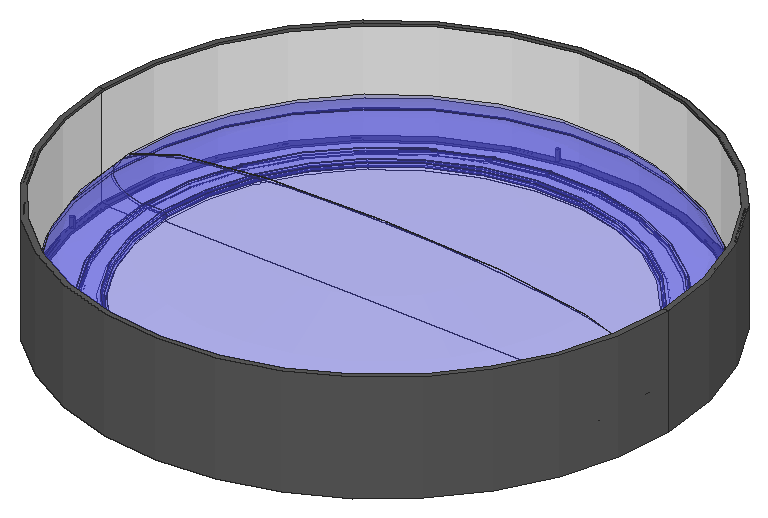
Revit family "BE_50790.2_de_DE", category Leuchten, Revit 2020
Family settings
  Basisbauteil = Fläche
  Bemaßung runder Anschluss = Durchmesser verwenden
  Teiletyp = Normal
  Beim Laden mit Abzugskörper schneiden = Ja
  Lichtquelle = Ja
  Gemeinsam genutzt = Nein
  Raumberechnungspunkt = Ja
Parameters (values of type "BEGA_50790.2_K3")
  built-in parameter 1150104 = 15.525 (stored number, unit not read)
  Wattage = 91.2 W
  Default Elevation = 0 mm
  built-in parameter 1150113 = 1 (stored number, unit not read)
  built-in parameter 1114218 = 1 (stored number, unit not read)
  Umgebungstemperatur = "25 °C"
  URL = "https://www.bega.com/de/produkt/50790.2"
  Typenkommentare = "© 2023 BEGA. Wir behalten uns das Recht vor, technische Änderungen ohne vorherige Ankündigung vorzunehmen."  # constant formula
  built-in parameter 1150134 = (empty or 0)
  built-in parameter 1150109 = 1 (stored number, unit not read)
  built-in parameter 1150110 = 1 (stored number, unit not read)
  Spannung = 239.996 V
  Sonderanfertigung = no
  Seriennummer [instance] = "Hier können Sie die eindeutige Seriennummer für das Facility Management eintragen."
  Schutzklasse = "I"
  Schutzart = "IP 20"
  Scheinlast = 0 VA
  Produktdatenblatt = "https://cdn.bega.com/bega/products/50790.2K3/current/documents/data-sheets/de"
  Neigungswinkel = 0.00°
  Modell = "50790.2K3"
  Material_35 = BEGA_Oberfläche_Samtschwarz_matt
  Material_34 = BEGA_Oberfläche_Samtweiss_matt
  Material_22 = BEGA_Oberfläche_Aluminium_matt
  Material_14 = BEGA_Kunststoff_opal
  M_W = no
  M_G = no
  M_A = no
  Logo = 0
  built-in parameter 1114217 = 1 (stored number, unit not read)
  built-in parameter 1150139 = (empty or 0)
  built-in parameter 1150105 = 1212.8 (stored number, unit not read)
  built-in parameter 1150114 = 1 (stored number, unit not read)
  Lumens = 15240.4 lm
  built-in parameter 1150115 = 1 (stored number, unit not read)
  Leuchtenlichtstrom = "10990 lm"
  Lebensdauerkriterien = "L70B50 @ 25 °C = 200000 h"
  Lastklassifizierung = Beleuchtung
  built-in parameter 1150112 = 1 (stored number, unit not read)
  Lampenlichtstrom = "15240 lm"
  Lampe = "LED 91.2 W"
  LED_Modulbezeichnung = "4 x LED-0704/930"
  Hersteller = "BEGA"  # constant formula
  Gewicht = "34.7 kg"
  Frequenz = "0/50-60 Hz"
  Farbwiedergabeindex = "CRI > 90"
  Farbtemperaturverschiebung bei Dämpfen der Lampe = <Keine Auswahl>
  Farbtemperatur = "3000 K"
  Color Filter = 16777215
  built-in parameter 1150133 = 10 (stored number, unit not read)
  Energieeffizienzklasse = "LED A++ - A"
  built-in parameter 1150137 = (empty or 0)
  built-in parameter 1150132 = (empty or 0)
  ENEC = "ja"
  Dimmbar [instance] = "DALI"
  Datei für fotometrisches Netz = "BE_50790-2K3.IES"
  CE_Konformität = "ja"
  Bestellnummer = "50790.2K3"
  Beschreibung_Sonderanfertigung = "Hier können Sie Informationen zur Sonderanfertigung eintragen."
  Beschreibung = "Großflächen-Deckenleuchte"
  built-in parameter 1150106 = 12.128 (stored number, unit not read)
  Befestigungsbohrung = "Ø 10 mm"
  BEGA_Intern_aus = yes
  BEGA_Intern_an = yes
  BEGA_Intern_Konstruktion = yes
  BEGA_Intern = yes
  BEGA_IES = yes
  BEGA_Dummy = no
  Anschlussleistung [instance] = "100 W"
  built-in parameter 1150107 = 3000 (stored number, unit not read)
  built-in parameter 1150102 = (empty or 0)
  built-in parameter 1150138 = (empty or 0)
  Aktualisierung = "2023-07-20T04:00:03"
  AC/DC = "AC/DC"
Reference planes
  plane 1 "Mitte (Vorne/Hinten)": y = 0
  plane 2: z = 0
  plane 3 "Mitte (Links/Rechts)": x = 0
  plane 4 "Links": x = -523
  plane 5 "Rechts": x = 523
  plane 6 "Unten": y = -522.996
  plane 7 "Oben": y = 523
  plane 8 "Vorne": z = 202
  plane 9 "Hinten": z = 0
Forms (mm)
  Extrusion 1, solid, material "BEGA_Platte_Weiss"
    sketch origin (0, -1119.2, 0) x (1, 0, 0) y (0, 1, 0)
      loop
        line (-200, 1319.2) -> (-200, 919.2) -> (200, 919.2) -> (200, 1319.2) -> (-200, 1319.2)
    from 0 to -10
  Extrusion 2, solid, material "BEGA_Dummy_matt", visible <- "BEGA_Dummy"
    sketch origin (77.149, -76.023, 0) x (1, 0, 0) y (0, 1, 0)
      loop
        circle (-77.149, 76.023) r 523
    from 0 to 202
Dimensions and locks
  plane 1 "Mitte (Vorne/Hinten)" to Extrusion 1 = 200 mm
  aligned and locked: plane 2 to Extrusion 1
  aligned and locked: level to Extrusion 1
Nested families
  nested 1: "BE_50790.2_Leuchte" at (0, 0, 0), type "BE_50790.2_Leuchte"
Connectors
  electrical at (0, 0, 0), driven by "Lastklassifizierung", driven by "Spannung", driven by "Scheinlast"
    settings: index 1, voltage 239.996 V, apparent load 0 VA, apparent load phase1 0 VA, apparent load phase2 0 VA, apparent load phase3 0 VA, power factor 1, load classification "Beleuchtung", number of poles 1, system type 31, power factor state 1, is connector primary yes, connector utility no, sub classification motor no, connector description ""
Definition of nested family "BE_50790.2_Leuchte"
  Parameters (values of type "BE_50790.2_Leuchte")
    Default Elevation = 1 mm
    URL = "http://www.bega.de/de/produkt"
    Type Comments = "© 2015 BEGA. Wir behalten uns das Recht vor, technische Änderungen ohne vorherige Ankündigung vorzunehmen. "  # constant formula
    Type Image = (empty or 0)
    Material_35 = none
    Material_34 = none
    Material_22 = none
    Material_14 = none
    Länge_Platte = 1100 mm  # constant formula
    Höhe_Platte = -10 mm  # constant formula
    Manufacturer = "BEGA"  # constant formula
    Breite_Platte = 1100 mm  # constant formula
  Reference planes
    plane 1 "Mitte (Oben/Unten)": y = 0
    plane 2: z = 0
    plane 3 "Mitte (Links/Rechts)": x = 0
    plane 4: z = 202
    plane 5: x = -523
    plane 6: x = 523
    plane 7: y = 523
    plane 8: y = -522.996
  Forms (mm)
    Extrusion 1, solid, detail levels medium
      sketch origin (0, 0, 0) x (1, 0, 0) y (0, 1, 0)
        loop
          line (-550, 550) -> (-550, -550) -> (550, -550) -> (550, 550) -> (-550, 550)
      from 0 to -10 <- "Höhe_Platte"
    Revolve 2, solid, material <- "Material_34"
      sketch origin (0, 0, 0) x (1, 0, 0) y (0, 0, 1)
        loop
          line (0, 11) -> (0, 7) -> (518, 7) -> (518, 11) -> (0, 11)
        axis (0, 7) -> (0, 11)
      angle from 0 to 360
    Extrusion 3, void
      sketch origin (0, 0, 0) x (1, 0, 0) y (0, 1, 0)
        loop
          line (-23.746, -16.915) -> (-26.103, 13.027)
          arc (-26.103, 13.027) -> (-3.137, 39.877) -> (23.744, 16.947) r 25
          line (23.744, 16.947) -> (26.1, -12.992) -> (80.774, -8.689)
          arc (80.774, -8.689) -> (87.387, -5.449) -> (89.988, 1.44) r 10
          arc (89.988, 1.44) -> (-7.049, 89.724) -> (-89.109, -12.631) r 90
          arc (-89.109, -12.631) -> (-85.468, -19.045) -> (-78.421, -21.218) r 10
          line (-78.421, -21.218) -> (-23.746, -16.915)
        loop
          circle (-356.406, 170.24) r 3.25
        loop
          circle (325.635, 223.537) r 3.25
        loop
          circle (30.771, -393.776) r 3.25
      from 7 to 11
    Extrusion 4, solid, material <- "Material_34"
      sketch origin (0, 0, 0) x (1, 0, 0) y (0, 1, 0)
        loop
          circle (-369.926, 138.491) r 9.85
        loop
          circle (-369.926, 138.491) r 5
        loop
          circle (-65.026, 389.611) r 9.85
        loop
          circle (-65.026, 389.611) r 5
        loop
          circle (304.9, 251.12) r 9.85
        loop
          circle (304.9, 251.12) r 5
        loop
          circle (369.926, -138.491) r 9.85
        loop
          circle (369.926, -138.491) r 5
        loop
          circle (65.026, -389.611) r 9.85
        loop
          circle (65.026, -389.611) r 5
        loop
          circle (-304.9, -251.12) r 9.85
        loop
          circle (-304.9, -251.12) r 5
      from 0 to 7
    Revolve 5, solid, material <- "Material_22"
      sketch origin (0, 0, 0) x (1, 0, 0) y (0, 0, 1)
        loop
          line (519, 196.5) -> (519, 15) -> (519.798, 15) -> (519.798, 196.5) -> (519, 196.5)
        axis (0, 15) -> (0, 196.5)
      angle from 0 to 360
    Revolve 6, solid, material <- "Material_35"
      sketch origin (0, 0, 0) x (1, 0, 0) y (0, 0, 1)
        loop
          line (519, 10) -> (519, 3)
          arc (519, 3) -> (519.293, 2.293) -> (520, 2) r 1
          line (520, 2) -> (523, 2) -> (523, 202) -> (514, 202) -> (514, 198.5) -> (518, 198.5) -> (518, 199.327) -> (519.798, 199.327) -> (519.798, 15) -> (505.7, 15) -> (505.7, 11) -> (518, 11)
          arc (518, 11) -> (518.707, 10.707) -> (519, 10) r 1
        axis (0, 2) -> (0, 202)
      angle from 0 to 360
    Revolve 7, solid, material <- "Material_34"
      sketch origin (0, 0, 0) x (1, 0, 0) y (0, 0, 1)
        loop
          arc (439.602, 27.494) -> (437.941, 31.29) -> (434.103, 32.85) r 5.5
          line (434.103, 32.85) -> (411.175, 32.85)
          arc (411.175, 32.85) -> (408.42, 32.11) -> (406.406, 30.089) r 5.5
          line (406.406, 30.089) -> (404.825, 27.35)
          arc (404.825, 27.35) -> (403.36, 25.886) -> (401.36, 25.35) r 4
          line (401.36, 25.35) -> (0, 25.35) -> (0, 23.85) -> (401.36, 23.85)
          arc (401.36, 23.85) -> (404.11, 24.587) -> (406.124, 26.6) r 5.5
          line (406.124, 26.6) -> (407.711, 29.35)
          arc (407.711, 29.35) -> (409.175, 30.814) -> (411.175, 31.35) r 4
          line (411.175, 31.35) -> (434.103, 31.35)
          arc (434.103, 31.35) -> (436.895, 30.215) -> (438.102, 27.455) r 4
          line (438.102, 27.455) -> (438.471, 13.35) -> (439.972, 13.35) -> (439.602, 27.494)
        axis (0, 13.35) -> (0, 32.85)
      angle from 0 to 360
    Revolve 8, solid, material <- "Material_14"
      sketch origin (0, 0, 0) x (1, 0, 0) y (0, 0, 1)
        loop
          line (396.823, 30.35) -> (401.442, 30.35) -> (403.751, 34.35)
          arc (403.751, 34.35) -> (404.484, 35.082) -> (405.484, 35.35) r 2
          line (405.484, 35.35) -> (437.672, 35.35)
          arc (437.672, 35.35) -> (438.433, 35.199) -> (439.08, 34.77) r 2
          line (439.08, 34.77) -> (440.328, 33.522)
          arc (440.328, 33.522) -> (441.905, 32.551) -> (443.751, 32.394) r 4
          spline (443.751, 32.394) -> (451.696, 33.822) -> (459.282, 35.664) -> (466.426, 37.899) -> (473.047, 40.503) -> (479.074, 43.446) -> (484.439, 46.697) -> (489.083, 50.22) -> (492.955, 53.975) -> (496.011, 57.921) -> (498.219, 62.014) -> (499.554, 66.21) -> (500, 70.461)
          spline (500, 70.461) -> (496.365, 85.179) -> (485.474, 98.812) -> (467.369, 111.31) -> (442.118, 122.624) -> (409.819, 132.711) -> (370.595, 141.533) -> (324.596, 149.055) -> (271.998, 155.249) -> (213.002, 160.092) -> (147.834, 163.564) -> (76.742, 165.652) -> (0, 166.349)
          line (0, 166.349) -> (0, 162.349)
          spline (0, 162.349) -> (76.667, 161.653) -> (147.671, 159.567) -> (212.733, 156.1) -> (271.603, 151.268) -> (324.046, 145.093) -> (369.843, 137.604) -> (408.798, 128.844) -> (440.725, 118.875) -> (465.446, 107.801) -> (482.791, 95.843) -> (492.807, 83.355) -> (496.001, 70.461)
          spline (496.001, 70.461) -> (495.641, 67.034) -> (494.541, 63.586) -> (492.666, 60.112) -> (489.981, 56.65) -> (486.485, 53.261) -> (482.197, 50.01) -> (477.161, 46.962) -> (471.438, 44.168) -> (465.099, 41.672) -> (458.215, 39.519) -> (450.872, 37.737) -> (443.157, 36.35)
          line (443.157, 36.35) -> (441.933, 37.574)
          arc (441.933, 37.574) -> (439.98, 38.888) -> (437.672, 39.35) r 6
          line (437.672, 39.35) -> (405.484, 39.35)
          arc (405.484, 39.35) -> (402.484, 38.546) -> (400.287, 36.35) r 6
          line (400.287, 36.35) -> (396.823, 30.35)
        axis (0, 30.35) -> (0, 166.349)
      angle from 0 to 360
    Extrusion 9, solid, material <- "Material_35"
      sketch origin (0, 0, 0) x (1, 0, 0) y (0, 1, 0)
        loop
          circle (84.205, -504.521) r 3.25
        loop
          circle (-504.521, -84.205) r 3.25
        loop
          circle (-84.205, 504.521) r 3.25
        loop
          circle (504.521, 84.205) r 3.25
      from 15 to 32
  Cuts and joins
    Extrusion 3 cuts Revolve 2
    joined: Revolve 2, Extrusion 4
    joined: Revolve 6, Extrusion 9
  Dimensions and locks
    equal spacing: Extrusion 1 sketch curve, plane 3 "Mitte (Links/Rechts)", Extrusion 1 sketch curve
    equal spacing: Extrusion 1 sketch curve, plane 1 "Mitte (Oben/Unten)", Extrusion 1 sketch curve
    "Länge_Platte": Extrusion 1 sketch curve to Extrusion 1 sketch curve
    "Breite_Platte": Extrusion 1 sketch curve to Extrusion 1 sketch curve
    plane 1 "Mitte (Oben/Unten)" to Extrusion 1 = 550 mm  (x3)
    aligned and locked: Extrusion 1 to plane 2
    aligned and locked: Extrusion 1 to level
  Automatic sketch dimensions
    plane 3 "Mitte (Links/Rechts)" to Revolve 2 sketch curve = 518 mm
    plane 3 "Mitte (Links/Rechts)" to Revolve 2 sketch curve = 0 mm
    Revolve 2 sketch curve to Revolve 2 sketch curve = 4 mm
    level to Revolve 2 sketch curve = 7 mm
    Extrusion 3 sketch curve to plane 3 "Mitte (Links/Rechts)" = 23.746 mm
    plane 1 "Mitte (Oben/Unten)" to Extrusion 3 sketch curve = 16.915 mm
    Extrusion 3 sketch curve to plane 1 "Mitte (Oben/Unten)" = 13.027 mm
    Extrusion 3 sketch curve to plane 3 "Mitte (Links/Rechts)" = 26.103 mm
    plane 1 "Mitte (Oben/Unten)" to Extrusion 3 sketch curve = 21.218 mm
    Extrusion 3 sketch curve to Extrusion 3 sketch curve = 54.675 mm  (x2)
    Extrusion 3 sketch curve to plane 3 "Mitte (Links/Rechts)" = 1.177 mm
    Extrusion 3 sketch curve to plane 1 "Mitte (Oben/Unten)" = 14.954 mm
    Extrusion 3 sketch curve to plane 1 "Mitte (Oben/Unten)" = 16.947 mm
    plane 1 "Mitte (Oben/Unten)" to Extrusion 3 sketch curve = 12.992 mm
    plane 3 "Mitte (Links/Rechts)" to Extrusion 3 sketch curve = 26.1 mm
    plane 1 "Mitte (Oben/Unten)" to Extrusion 3 sketch curve = 8.689 mm
    plane 1 "Mitte (Oben/Unten)" to Extrusion 3 sketch curve = 0 mm
    Extrusion 3 sketch curve to plane 3 "Mitte (Links/Rechts)" = 0 mm
    Extrusion 3 sketch curve to Extrusion 3 sketch curve = 0.785 mm  (x2)
    Extrusion 3 sketch curve to plane 1 "Mitte (Oben/Unten)" = 1.28 mm
    Extrusion 3 sketch curve to Extrusion 3 sketch curve = 9.969 mm
    Extrusion 3 sketch curve to Extrusion 3 sketch curve = 0 mm  (x4)
    Extrusion 3 sketch curve to Extrusion 3 sketch curve = 9.904 mm
    Extrusion 3 sketch curve to plane 1 "Mitte (Oben/Unten)" = 1.44 mm
    Extrusion 3 sketch curve to Extrusion 3 sketch curve = 9.999 mm
    level to Revolve 5 sketch curve = 15 mm
    plane 3 "Mitte (Links/Rechts)" to Revolve 5 sketch curve = 519.798 mm
    Revolve 5 sketch curve to Revolve 5 sketch curve = 0.798 mm
    Revolve 5 sketch curve to Revolve 5 sketch curve = 181.5 mm
    Revolve 6 sketch curve to Revolve 6 sketch curve = 0 mm
    Revolve 6 sketch curve to Revolve 6 sketch curve = 1 mm  (x2)
    level to Revolve 6 sketch curve = 3 mm
    Revolve 6 sketch curve to Revolve 6 sketch curve = 0.827 mm
    Revolve 6 sketch curve to Revolve 6 sketch curve = 4 mm  (x2)
    Revolve 6 sketch curve to Revolve 6 sketch curve = 12.3 mm
    plane 3 "Mitte (Links/Rechts)" to Revolve 6 sketch curve = 505.7 mm
    Revolve 6 sketch curve to Revolve 6 sketch curve = 1.798 mm
    Revolve 6 sketch curve to Revolve 6 sketch curve = 3 mm
    Revolve 6 sketch curve to Revolve 6 sketch curve = 7 mm
    Revolve 6 sketch curve to Revolve 6 sketch curve = 183.5 mm
    Revolve 6 sketch curve to Revolve 6 sketch curve = 2.673 mm
    Revolve 6 sketch curve to plane 3 "Mitte (Links/Rechts)" = 0 mm
    Revolve 6 sketch curve to level = 609.6 mm
    Revolve 6 sketch curve to Revolve 6 sketch curve = 2407.058 mm
    level to Revolve 7 sketch curve = 13.35 mm
    Revolve 7 sketch curve to Revolve 7 sketch curve = 0.37 mm
    Revolve 7 sketch curve to Revolve 7 sketch curve = 1.501 mm
    level to Revolve 7 sketch curve = 27.455 mm
    Revolve 7 sketch curve to Revolve 7 sketch curve = 1.5 mm  (x2)
    Revolve 7 sketch curve to Revolve 7 sketch curve = 0 mm  (x13)
    Revolve 7 sketch curve to Revolve 7 sketch curve = 3.999 mm
    Revolve 7 sketch curve to Revolve 7 sketch curve = 0.105 mm
    Revolve 7 sketch curve to Revolve 7 sketch curve = 22.928 mm
    Revolve 7 sketch curve to Revolve 7 sketch curve = 4 mm  (x2)
    Revolve 7 sketch curve to Revolve 7 sketch curve = 3.464 mm  (x2)
    Revolve 7 sketch curve to Revolve 7 sketch curve = 1.305 mm
    Revolve 7 sketch curve to Revolve 7 sketch curve = 0.739 mm
    level to Revolve 7 sketch curve = 27.35 mm
    Revolve 7 sketch curve to Revolve 7 sketch curve = 1.581 mm
    Revolve 7 sketch curve to Revolve 7 sketch curve = 2 mm
    Revolve 7 sketch curve to Revolve 7 sketch curve = 401.36 mm
    Revolve 7 sketch curve to Revolve 7 sketch curve = 1.299 mm
    level to Revolve 7 sketch curve = 26.6 mm
    level to Revolve 7 sketch curve = 29.35 mm
    Revolve 7 sketch curve to plane 3 "Mitte (Links/Rechts)" = 0 mm
    Revolve 8 sketch curve to Revolve 8 sketch curve = 0 mm  (x9)
    Revolve 8 sketch curve to plane 3 "Mitte (Links/Rechts)" = 0 mm
    level to Revolve 8 sketch curve = 30.35 mm
    plane 3 "Mitte (Links/Rechts)" to Revolve 8 sketch curve = 396.823 mm
    Revolve 8 sketch curve to Revolve 8 sketch curve = 4.619 mm
    Revolve 8 sketch curve to Revolve 8 sketch curve = 4.042 mm
    Revolve 8 sketch curve to Revolve 8 sketch curve = 32.188 mm
    level to Revolve 8 sketch curve = 34.77 mm
    Revolve 8 sketch curve to Revolve 8 sketch curve = 1.408 mm
    level to Revolve 8 sketch curve = 37.574 mm
    Revolve 8 sketch curve to Revolve 8 sketch curve = 2.853 mm
    Revolve 8 sketch curve to Revolve 8 sketch curve = 1.224 mm
    level to Revolve 8 sketch curve = 36.35 mm  (x2)
    level to Revolve 8 sketch curve = 70.461 mm
    Revolve 8 sketch curve to Revolve 8 sketch curve = 52.844 mm
    Revolve 8 sketch curve to Revolve 8 sketch curve = 1.42 mm
    Revolve 8 sketch curve to Revolve 8 sketch curve = 2 mm
    Revolve 8 sketch curve to level = 198.183 mm
    Revolve 8 sketch curve to plane 3 "Mitte (Links/Rechts)" = 1400.809 mm
    Revolve 8 sketch curve to Revolve 8 sketch curve = 5.196 mm
    level to Revolve 8 sketch curve = 34.35 mm
    Revolve 8 sketch curve to Revolve 8 sketch curve = 1.732 mm
    Revolve 8 sketch curve to Revolve 8 sketch curve = 13.738 mm
    level to Revolve 8 sketch curve = 33.522 mm
    Revolve 8 sketch curve to Revolve 8 sketch curve = 1.249 mm
    Revolve 8 sketch curve to Revolve 8 sketch curve = 3.422 mm
    Revolve 8 sketch curve to Revolve 8 sketch curve = 3.682 mm
    Revolve 8 sketch curve to Revolve 8 sketch curve = 3.997 mm
    Revolve 8 sketch curve to Revolve 8 sketch curve = 0.002 mm
    Revolve 8 sketch curve to Revolve 8 sketch curve = 1.127 mm
    Revolve 8 sketch curve to Revolve 8 sketch curve = 0.266 mm
    Revolve 8 sketch curve to Revolve 8 sketch curve = 4 mm
